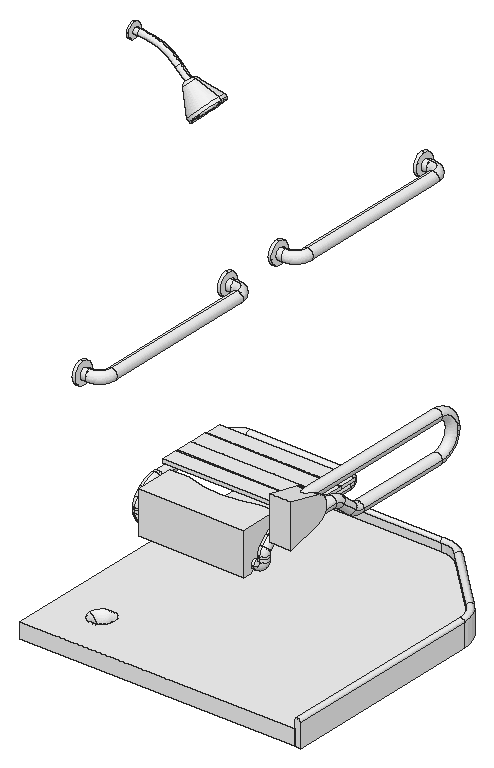
Revit family
Parameters (values of type "Type 1")
  Vis - Placement Lines = yes
  Materials Rails = Plastic - White
  Material Shower Tray = Porcelain
  Material Shower Seat = Plastic - White
  Material Shower Head = Metal - Chrome Polished
  Material Sanitary Fixings = Metal - Chrome Polished
Reference planes
  plane 1: y = 0
  plane 2 "Center (Left/Right)": x = 125
  plane 3 "Back": y = 75
  plane 4: x = -375
  plane 5: x = 1125
  plane 6: x = 485
  plane 7: z = 730
Lines and regions (mm)
  symbolic lines, visible <- "Vis - Placement Lines"
    curve 1: line (-375, 75, 0) -> (-375, 2275, 0)
    curve 2: line (-375, 2275, 0) -> (1125, 2275, 0)
    curve 3: line (1125, 2275, 0) -> (1125, 75, 0)
Text (mm)
  text "Placement side" at (-1787.139, 592.35, 0), in view "Ref. Level"
  text "Placement side" at (0, 1827.695, 2917.686), in view "Left"
  text "Placement side" at (0, 562.268, 3853.606), in view "Right"
Dimensions and locks
  locked: plane 3 "Back" to host wall at 0
  aligned and locked: plane 1 to host wall
  aligned and locked: nested 1 to host wall
  aligned and locked: nested 2 to curve 1
  aligned and locked: host wall to nested 3
  aligned and locked: nested 3 to plane 4
  aligned and locked: nested 1 to plane 6
  aligned and locked: nested 5 to host wall
  aligned and locked: plane 4 to nested 6
Nested families
  nested 1: "UK_Hinged Grab Bar" at (1340.796, 75, 0), type "2D Disabled Toilet"
  nested 2: "UK_Grab Rail Horizontal" at (-375, -230.796, 0) x (0, -1, 0) z (0, 0, 1), type "2D Disabled Toilet"
  nested 3: "UK_Floor Shower Tray" at (-375, 75, 0) x (-1, 0, 0) z (0, 0, 1), type "Floor Shower Tray"
  nested 4: "UK_Grab Rail Horizontal" at (-375, 579.204, 0) x (0, -1, 0) z (0, 0, 1), type "2D Disabled Toilet"
  nested 5: "UK_Disabled Shower Seat" at (190.734, 75, 0), type "Shower Seat"
  nested 6: "UK_Shower Head" at (-375, 540, 0) x (0, -1, 0) z (0, 0, 1), type "UK_Shower Head"
Definition of nested family "UK_Hinged Grab Bar"
  Parameters (values of type "2D Disabled Toilet")
    Material SanitaryWare = none
    Assembly Code = ""
  Reference planes
    plane 1 "Center (Front/Back)": y = 0
    plane 2: z = 0
    plane 3: x = -855.796
    plane 4: z = 700
    plane 5: y = 111.584
    plane 6: z = 680
    plane 7: z = 530
    plane 8: z = 594.133
    plane 9: through (0, 227.13, 594.133) normal (0, 0.6428, 0.766)
  Forms (mm)
    Extrusion 1, solid, material <- "Material SanitaryWare"
      sketch origin (-855.796, 721.997, 4020) x (0, 1, 0) y (0, 0, 1)
        loop
          line (-721.997, -3300.612) -> (-721.997, -3445.455) -> (-610.413, -3417.634)
          arc (-610.413, -3417.634) -> (-575.568, -3373.034) -> (-610.413, -3328.433) r 45.966
          line (-610.413, -3328.433) -> (-721.997, -3300.612)
      from -35.09 to 35.09
    Sweep 2, solid, material <- "Material SanitaryWare"
      path origin (-855.796, 721.997, 4000) x (0, 1, 0) y (0, 0, 1)
        loop
          line (-639.867, -3320) -> (-75, -3320)
          arc (-75, -3320) -> (-10, -3385) -> (-75, -3450) r 65
          line (-75, -3450) -> (-400.239, -3450)
          arc (-400.239, -3450) -> (-417.34, -3446.985) -> (-432.378, -3438.302) r 50
          line (-432.378, -3438.302) -> (-480.926, -3397.565)
          arc (-480.926, -3397.565) -> (-495.965, -3388.883) -> (-513.066, -3385.867) r 50
          line (-513.066, -3385.867) -> (-689.867, -3385.867)
      profile origin (-855.796, 364.564, 680) x (0, 0, 1) y (1, 0, 0)
        loop
          circle (0, 0) r 18
  Cuts and joins
    joined: Extrusion 1, Sweep 2
Definition of nested family "UK_Grab Rail Horizontal"
  Parameters (values of type "2D Disabled Toilet")
    Material SanitaryWare = none
    Assembly Code = ""
  Reference planes
    plane 1 "Center (Front/Back)": y = 0
    plane 2: z = 0
    plane 3: x = -855.796
    plane 4: through (0, 227.13, 594.133) normal (0, 0.6428, 0.766)
    plane 5: z = 680
    plane 6: y = 100
    plane 7: y = 10
  Forms (mm)
    Sweep 1, solid, material <- "Material SanitaryWare"
      path origin (-234.062, -422.744, 680) x (0, -1, 0) y (1, 0, 0)
        loop
          line (-432.744, -321.734) -> (-452.744, -321.734)
          arc (-452.744, -321.734) -> (-481.028, -333.449) -> (-492.744, -361.734) r 40
          line (-492.744, -361.734) -> (-492.744, -881.734)
          arc (-492.744, -881.734) -> (-481.028, -910.018) -> (-452.744, -921.734) r 40
          line (-452.744, -921.734) -> (-432.744, -921.734)
      profile origin (-555.796, 20, 680) x (-1, 0, 0) y (0, 0, 1)
        loop
          circle (0, 0) r 18
    Extrusion 2, solid, material <- "Material SanitaryWare"
      sketch origin (-1955.796, 0, -175.796) x (0, 0, -1) y (1, 0, 0)
        loop
          circle (-855.796, 1400) r 35
        loop
          circle (-855.796, 800) r 35
      from 0 to -10
  Dimensions and locks
    plane 1 "Center (Front/Back)" to plane 7 to plane 6 = 10 mm locked, 90 mm locked
    aligned and locked: Extrusion 2 to Sweep 1
    aligned and locked: plane 1 "Center (Front/Back)" to Extrusion 2
Definition of nested family "UK_Floor Shower Tray"
  Parameters (values of type "Floor Shower Tray")
    Material Shower = Porcelain
    Assembly Code = ""
  Reference planes
    plane 1 "Center (Front/Back)": y = 0
    plane 2: z = 0
    plane 3 "Center (Left/Right)": x = 0
    plane 4: x = -150
    plane 5: y = 150
  Forms (mm)
    Extrusion 1, solid, material "Porcelain" <- "Material Shower"
      sketch origin (0, 0, 0) x (1, 0, 0) y (0, 1, 0)
        loop
          line (-908.002, 676.01) -> (-908.002, 0) -> (0, 0) -> (0, 968) -> (-616.012, 968)
          arc (-616.012, 968) -> (-654.28, 960.388) -> (-686.722, 938.711) r 100
          line (-686.722, 938.711) -> (-878.712, 746.721)
          arc (-878.712, 746.721) -> (-900.39, 714.278) -> (-908.002, 676.01) r 100
      from 0 to 50
    Revolve 2, void
      sketch origin (-198.503, 150, 4000) x (-1, 0, 0) y (0, 0, 1)
        loop
          line (-28.503, -3995) -> (-28.503, -3980)
          arc (-28.503, -3980) -> (-22.578, -3961.551) -> (-7.02, -3950) r 31.688
          line (-7.02, -3950) -> (-48.503, -3950) -> (-48.503, -3995) -> (-28.503, -3995)
        axis (-48.503, -3950) -> (-48.503, -3995)
      angle from 0 to 360
    Sweep 3, solid, material "Porcelain" <- "Material Shower"
      path in 3D
        loop
          line (0, 968, 50) -> (-616.012, 968, 50)
          arc (-616.012, 968, 50) -> (-654.28, 960.388, 50) -> (-686.722, 938.711, 50) r 100
          line (-686.722, 938.711, 50) -> (-878.712, 746.721, 50)
          arc (-878.712, 746.721, 50) -> (-900.39, 714.278, 50) -> (-908.002, 676.01, 50) r 100
          line (-908.002, 676.01, 50) -> (-908.002, 0, 50)
      profile origin (-908.002, 338.005, 50) x (1, 0, 0) y (0, 0, 1)
        loop
          line (0, -50) -> (0, 25)
          arc (0, 25) -> (-10, 35) -> (-20, 25) r 10
          line (-20, 25) -> (-20, -50) -> (0, -50)
  Cuts and joins
    Revolve 2 cuts Extrusion 1
  Lines and regions (mm)
    sketch lines
      curve 1: line (-908.002, 676.01, 50) -> (-908.002, 0, 50)
      curve 2: arc (-908.002, 676.01, 50) -> (-900.39, 714.278, 50) -> (-878.712, 746.721, 50) r 100
      curve 3: line (-686.722, 938.711, 50) -> (-878.712, 746.721, 50)
      curve 4: arc (-686.722, 938.711, 50) -> (-654.28, 960.388, 50) -> (-616.012, 968, 50) r 100
      curve 5: line (0, 968, 50) -> (-616.012, 968, 50)
Definition of nested family "UK_Disabled Shower Seat"
  Parameters (values of type "Shower Seat")
    Material Seat = Plastic - White
    Material Frame = none
    Height of Seat = 580 mm
    Assembly Code = ""
  Reference planes
    plane 1 "Center (Front/Back)": y = 0
    plane 2: z = 0
    plane 3 "Center (Left/Right)": x = 0
    plane 4: z = 580
    plane 5: y = 42.505
    plane 6: z = 555
  Forms (mm)
    Extrusion 1, solid, material <- "Material Seat"
      sketch origin (0, 0, 0) x (0, 1, 0) y (0, 0, 1)
        loop
          line (0, 580) -> (0, 440) -> (27.62, 440) -> (130, 525.907) -> (130, 580) -> (0, 580)
      from -174.95 to 174.95
    Extrusion 2, void
      sketch origin (0, 0, 0) x (1, 0, 0) y (0, 1, 0)
        loop
          arc (-112.95, 130) -> (3.453, 108.804) -> (119.855, 130) r 330.225
          line (119.855, 130) -> (-112.95, 130)
      from 440 to 580
    Sweep 3, solid, material <- "Material Seat"
      path origin (-189.95, 42.505, 4000) x (-1, 0, 0) y (0, 0, 1)
        loop
          line (18, -3505) -> (18, -3515)
          arc (18, -3515) -> (12.142, -3529.142) -> (-2, -3535) r 20
          line (-2, -3535) -> (-376, -3535)
          arc (-376, -3535) -> (-390.142, -3529.142) -> (-396, -3515) r 20
          line (-396, -3515) -> (-396, -3505)
      profile origin (-207.95, 42.505, 490) x (0, 1, 0) y (-1, 0, 0)
        loop
          circle (0, 0) r 15
    Sweep 4, solid, material <- "Material Seat"
      path origin (206.05, 121.505, 4000) x (0, 1, 0) y (0, 0, 1)
        loop
          line (0, -3445) -> (-11.855, -3445)
          arc (-11.855, -3445) -> (-33.188, -3449.306) -> (-51.181, -3461.549) r 55
          line (-51.181, -3461.549) -> (-73.3, -3484.171)
          arc (-73.3, -3484.171) -> (-77.52, -3490.603) -> (-79, -3498.153) r 20
          line (-79, -3498.153) -> (-79, -3505)
      profile origin (206.05, 42.505, 495) x (0, -1, 0) y (1, 0, 0)
        loop
          circle (0, 0) r 15
        loop
          circle (0, -414) r 15
    Extrusion 5, solid, material "Plastic - White" <- "Material Seat"
      sketch origin (206.05, 121.505, 4000) x (0, 1, 0) y (0, 0, 1)
        loop
          line (40.373, -3420) -> (40.373, -3429.524) -> (95.373, -3429.524) -> (95.373, -3420) -> (40.373, -3420)
        loop
          line (100.373, -3420) -> (100.373, -3429.524) -> (155.373, -3429.524) -> (155.373, -3420) -> (100.373, -3420)
        loop
          line (160.373, -3420) -> (160.373, -3429.524) -> (215.373, -3429.524) -> (215.373, -3420) -> (160.373, -3420)
        loop
          line (220.373, -3420) -> (220.373, -3429.524) -> (275, -3429.524) -> (275, -3420) -> (220.373, -3420)
      from -429.874 to 18.126
    Sweep 6, solid, material <- "Material Seat"
      path origin (0, 121.505, 555) x (0, -1, 0) y (1, 0, 0)
        loop
          line (0, -207.95) -> (-260, -207.95)
          arc (-260, -207.95) -> (-297.477, -192.427) -> (-313, -154.95) r 53
          line (-313, -154.95) -> (-313, 153.05)
          arc (-313, 153.05) -> (-297.477, 190.526) -> (-260, 206.05) r 53
          line (-260, 206.05) -> (0, 206.05)
      profile origin (-207.95, 251.505, 555) x (-1, 0, 0) y (0, 0, 1)
        loop
          circle (0, 0) r 15
  Cuts and joins
    Extrusion 2 cuts Extrusion 1
    joined: Extrusion 1, Sweep 3, Sweep 4, Sweep 6
  Dimensions and locks
    "Height of Seat": plane 4 to level
    locked: plane 4 to plane 6 at 25
    aligned and locked: plane 4 to Extrusion 2
    aligned and locked: cut or joined group of Extrusion 1, Extrusion 2, Sweep 3, Sweep 4, Sweep 6 to Extrusion 2
    aligned and locked: plane 4 to Extrusion 5  (x3)
    aligned and locked: Extrusion 5 to plane 4
    aligned and locked: Extrusion 5 to Extrusion 5  (x3)
  Automatic sketch dimensions
    Extrusion 1 sketch curve to plane 1 "Center (Front/Back)" = 0 mm
    Extrusion 1 sketch curve to plane 4 = 0 mm
    Extrusion 1 sketch curve to plane 1 "Center (Front/Back)" = 27.62 mm
    Extrusion 1 sketch curve to plane 4 = 54.093 mm
    Extrusion 1 sketch curve to plane 1 "Center (Front/Back)" = 130 mm
    Extrusion 1 sketch curve to Extrusion 1 sketch curve = 85.907 mm
    Extrusion 2 sketch curve to plane 3 "Center (Left/Right)" = 112.95 mm
    plane 3 "Center (Left/Right)" to Extrusion 2 sketch curve = 3.453 mm
    Extrusion 2 sketch curve to plane 1 "Center (Front/Back)" = 130 mm
    Extrusion 2 sketch curve to Extrusion 2 sketch curve = 309.029 mm
    plane 3 "Center (Left/Right)" to Sweep 3 sketch curve = 206.05 mm
    Sweep 3 sketch curve to Sweep 3 sketch curve = 20 mm  (x2)
    Sweep 3 sketch curve to plane 4 = 95 mm
    Sweep 3 sketch curve to plane 3 "Center (Left/Right)" = 187.95 mm
    Sweep 3 sketch curve to Sweep 3 sketch curve = 10 mm  (x2)
    Sweep 3 sketch curve to plane 5 = 0 mm
    Sweep 3 sketch curve to profile plane = 0 mm
    Sweep 4 sketch curve to plane 5 = 0 mm
    plane 5 to Sweep 4 sketch curve = 5.7 mm
    Sweep 4 sketch curve to Sweep 4 sketch curve = 20 mm
    plane 5 to Sweep 4 sketch curve = 27.819 mm
    Sweep 4 sketch curve to Sweep 4 sketch curve = 47.145 mm
    Sweep 4 sketch curve to Sweep 4 sketch curve = 11.855 mm
    Sweep 4 sketch curve to plane 4 = 80 mm
    Sweep 4 sketch curve to Sweep 4 sketch curve = 5 mm
    Sweep 4 sketch curve to Sweep 4 sketch curve = 6.847 mm
    Sweep 4 sketch curve to Sweep 4 sketch curve = 22.622 mm
    Sweep 4 sketch curve to profile plane = 0 mm  (x3)
    Extrusion 5 sketch curve to plane 4 = 0 mm  (x4)
    Extrusion 5 sketch curve to plane 4 = 9.524 mm  (x2)
    plane 5 to Extrusion 5 sketch curve = 119.373 mm
    Extrusion 5 sketch curve to Extrusion 5 sketch curve = 55 mm  (x3)
    Extrusion 5 sketch curve to Extrusion 5 sketch curve = 5 mm  (x3)
    Extrusion 5 sketch curve to Extrusion 5 sketch curve = 54.627 mm
    Extrusion 5 sketch curve to Extrusion 5 sketch curve = 0 mm  (x2)
    plane 5 to Sweep 6 sketch curve = 392 mm
    Sweep 6 sketch curve to Sweep 6 sketch curve = 53 mm  (x2)
    plane 5 to Sweep 6 sketch curve = 79 mm  (x2)
    Sweep 6 sketch curve to plane 3 "Center (Left/Right)" = 154.95 mm
    Sweep 6 sketch curve to plane 6 = 0 mm
    Sweep 6 sketch curve to profile plane = 0 mm
    Sweep 4 sketch curve to profile plane = 414 mm
    plane 3 "Center (Left/Right)" to Sweep 6 sketch curve = 153.05 mm
    radius of Sweep 3 sketch curve = 15 mm
    radius of Sweep 4 sketch curve = 15 mm  (x2)
    radius of Sweep 6 sketch curve = 15 mm
Definition of nested family "UK_Shower Head"
  Parameters
    Mounting Height = 1600 mm
    Material Shower Head = Metal - Chrome Polished
  Reference planes
    plane 1 "Center (Front/Back)": y = 0
    plane 2: z = 0
    plane 3 "Center (Left/Right)": x = 0
    plane 4: z = 1600
  Forms (mm)
    Sweep 1, solid, material "Metal - Chrome Polished" <- "Material Shower Head"
      path origin (0, 0, 0) x (0, 1, 0) y (0, 0, 1)
        loop
          line (6.482, 1600) -> (25.442, 1600)
          arc (25.442, 1600) -> (94.325, 1586.298) -> (152.721, 1547.279) r 180
          line (152.721, 1547.279) -> (184.541, 1515.459)
      profile origin (0, 15.962, 1600) x (0, 0, 1) y (1, 0, 0)
        loop
          circle (0, 0) r 10
    Revolve 2, solid, material "Metal - Chrome Polished" <- "Material Shower Head"
      sketch origin (0, 0, 0) x (0, 1, 0) y (0, 0, 1)
        loop
          line (184.541, 1515.459) -> (177.156, 1508.074)
          arc (177.156, 1508.074) -> (173.118, 1500.714) -> (173.667, 1492.338) r 15
          line (173.667, 1492.338) -> (201.18, 1416.745) -> (208.251, 1409.674)
          arc (208.251, 1409.674) -> (211.787, 1408.209) -> (215.322, 1409.674) r 5
          line (215.322, 1409.674) -> (217.026, 1411.377) -> (215.611, 1412.791) -> (251.41, 1448.59) -> (184.541, 1515.459)
        axis (184.541, 1515.459) -> (252.824, 1447.176)
      angle from 0 to 360
    Extrusion 3, solid, material "Metal - Chrome Polished" <- "Material Shower Head"
      sketch origin (0, 0, 0) x (1, 0, 0) y (0, 0, 1)
        loop
          circle (0, 1600) r 25
      from 0 to -6.482
  Dimensions and locks
    "Mounting Height": level to plane 4
    aligned: Sweep 1 sketch curve to Extrusion 3
  Automatic sketch dimensions
    Sweep 1 sketch curve to plane 3 "Center (Left/Right)" = 0 mm
    Sweep 1 sketch curve to profile plane = 0 mm
    plane 4 to Revolve 2 sketch curve = 107.662 mm
    Revolve 2 sketch curve to plane 1 "Center (Front/Back)" = 173.667 mm
    plane 4 to Revolve 2 sketch curve = 91.926 mm
    Revolve 2 sketch curve to Revolve 2 sketch curve = 3.489 mm
    plane 4 to Revolve 2 sketch curve = 84.541 mm  (x2)
    Revolve 2 sketch curve to Revolve 2 sketch curve = 7.385 mm
    Revolve 2 sketch curve to Revolve 2 sketch curve = 0 mm
    Revolve 2 sketch curve to Revolve 2 sketch curve = 10.607 mm
    Revolve 2 sketch curve to Revolve 2 sketch curve = 27.513 mm
    Revolve 2 sketch curve to Revolve 2 sketch curve = 7.071 mm  (x2)
    Revolve 2 sketch curve to Revolve 2 sketch curve = 3.536 mm  (x2)
    Revolve 2 sketch curve to Revolve 2 sketch curve = 0.289 mm
    Revolve 2 sketch curve to Revolve 2 sketch curve = 1.414 mm
    Revolve 2 sketch curve to Revolve 2 sketch curve = 35.799 mm
    Revolve 2 sketch curve to Revolve 2 sketch curve = 49.803 mm  (x2)
    Revolve 2 sketch curve to Revolve 2 sketch curve = 0.418 mm
    Extrusion 3 sketch curve to plane 3 "Center (Left/Right)" = 0 mm
    Extrusion 3 sketch curve to plane 4 = 0 mm
    Sweep 1 sketch curve to plane 4 = 0 mm
    Sweep 1 sketch curve to plane 1 "Center (Front/Back)" = 6.482 mm
    Sweep 1 sketch curve to Sweep 1 sketch curve = 18.959 mm
    plane 4 to Sweep 1 sketch curve = 52.721 mm
    Sweep 1 sketch curve to Sweep 1 sketch curve = 127.279 mm
    plane 4 to Sweep 1 sketch curve = 84.541 mm
    Sweep 1 sketch curve to Sweep 1 sketch curve = 31.82 mm
    radius of Sweep 1 sketch curve = 10 mm
    radius of Extrusion 3 sketch curve = 25 mm
